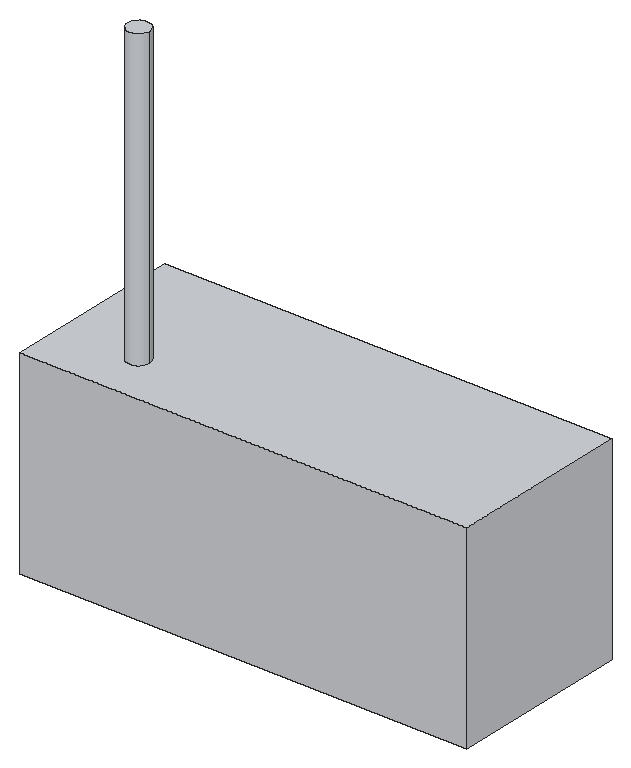
Revit family "Conexão de condensação_M", category Terreno, Revit 2019
Family settings
  Cota do conector redondo = Usar raio
  Tipo de parte = Normal
  ID de item do Seek = Condensate Connection-0000-CAN-ENU
  Com base no plano de trabalho = Não
  Sempre na vertical = Sim
  Corte com vazios quando carregada = Não
  Compartilhado = Não
Parameters (values of type "4060 mmx1650 mm")
  Largura = 1650 mm
  Raio do tubo = 100 mm
  Altura do tubo do nível [instance] = 2500 mm
  Raio da saída [instance] = 100 mm
  Diâmetro da saída [instance] = 2 * Raio da saída  # 200 mm
  Comprimento = 4060 mm
  Raio da embocadura [instance] = 100 mm
  Deslocamento inferior de entrada do nível [instance] = 800 mm
  Deslocamento superior da parede do nível [instance] = 200 mm
  Deslocamento inferior de saída do nível [instance] = 800 mm
  Diâmetro da embocadura [instance] = 2 * Raio da embocadura  # 200 mm
  Altura = 1800 mm
Types (5, lengths in mm): name | Largura | Raio do tubo | Raio da saída | Diâmetro da saída | Comprimento | Raio da embocadura | Deslocamento inferior de entrada do nível | Deslocamento inferior de saída do nível | Diâmetro da embocadura | Altura
  (no name) | 1650 | 100 | 100 | 200 | 4060 | 100 | 800 | 800 | 200 | 1800
  4060 mmx1650 mm | 1650 | 100 | 100 | 200 | 4060 | 100 | 800 | 800 | 200 | 1800
  4650 mmx1900 mm | 1900 | 150 | 150 | 300 | 4650 | 150 | 1050 | 1050 | 300 | 2750
  4900 mmx2350 mm | 2350 | 150 | 200 | 400 | 4900 | 200 | 1450 | 1450 | 400 | 2750
  6450 mmx2350 mm | 2350 | 150 | 200 | 400 | 6450 | 200 | 1450 | 1450 | 400 | 2750
Reference planes
  plane 1 "Centro (Frente/Trás)": y = 0
  plane 2: z = 0
  plane 3 "Centro (Esquerda/Direita)": x = 0
  plane 4: z = -700
  plane 5: x = 4060
  plane 6: z = -200
  plane 7: z = -2000
  plane 8: y = 825
  plane 9: y = -825
  plane 10: z = -700
  plane 11: z = -800
  plane 12: z = -800
  plane 13: x = 2030
  plane 14: y = -367.8
  plane 15: x = 711.2
  plane 16: z = 2500
Forms (mm)
  Extrusion 1, solid
    sketch origin (0, 0, 0) x (1, 0, 0) y (0, 0, 1)
      loop
        line (0, -200) -> (0, -2000) -> (4060, -2000) -> (4060, -200) -> (0, -200)
    from -825 to 825
  Extrusion 2, solid
    sketch origin (0, 0, 0) x (0, 1, 0) y (0, 0, 1)
      loop
        circle (0, -700) r 100
    from 0 to 304.8
  Extrusion 3, solid
    sketch origin (0, 0, 0) x (0, 1, 0) y (0, 0, 1)
      loop
        circle (0, -700) r 100
    from 563.01 to 4060
  Extrusion 4, solid
    sketch origin (0, 0, 0) x (1, 0, 0) y (0, 1, 0)
      loop
        circle (711.2, -367.8) r 100
    from -200 to 2500
Cuts and joins
  joined: Extrusion 1, Extrusion 2, Extrusion 3
Dimensions and locks
  "Comprimento": plane 5 to plane 3 "Centro (Esquerda/Direita)"
  "Altura": plane 6 to plane 7
  equal spacing: plane 9, plane 1 "Centro (Frente/Trás)", plane 8
  "Largura": plane 8 to plane 9
  "Deslocamento superior da parede do nível": plane 2 to plane 6
  "Raio da embocadura": plane 10 to plane 11
  "Raio da saída": plane 4 to plane 12
  "Deslocamento inferior de entrada do nível": plane 2 to plane 11
  "Deslocamento inferior de saída do nível": plane 2 to plane 12
  equal spacing: plane 3 "Centro (Esquerda/Direita)", plane 13, plane 5
  locked: plane 14 to plane 9 at 457.2
  locked: plane 3 "Centro (Esquerda/Direita)" to plane 15 at 711.2
  "Altura do tubo do nível": plane 16 to plane 2
  "Raio da embocadura": radius of Extrusion 2 sketch curve
  "Raio da saída": radius of Extrusion 3 sketch curve
  "Raio do tubo": radius of Extrusion 4 sketch curve
  aligned and locked: level to plane 2
  aligned and locked: plane 3 "Centro (Esquerda/Direita)" to Extrusion 1 sketch curve
  aligned and locked: Extrusion 1 sketch curve to plane 6
  aligned and locked: Extrusion 1 sketch curve to plane 7
  aligned and locked: Extrusion 1 sketch curve to plane 5
  aligned and locked: Extrusion 1 to plane 8
  aligned and locked: Extrusion 1 to plane 9
  aligned and locked: plane 10 to Extrusion 2 sketch curve
  aligned and locked: plane 1 "Centro (Frente/Trás)" to Extrusion 2 sketch curve
  aligned and locked: plane 4 to Extrusion 3 sketch curve
  aligned and locked: plane 1 "Centro (Frente/Trás)" to Extrusion 3 sketch curve
  aligned and locked: Extrusion 2 to plane 3 "Centro (Esquerda/Direita)"
  aligned and locked: plane 5 to Extrusion 3
  aligned and locked: plane 13 to nested 1
  aligned and locked: plane 1 "Centro (Frente/Trás)" to nested 1
  aligned and locked: plane 15 to Extrusion 4 sketch curve
  aligned and locked: plane 14 to Extrusion 4 sketch curve
  aligned and locked: Extrusion 4 to plane 6
  aligned and locked: plane 16 to Extrusion 4
Nested families
  nested 1: "Símbolo" at (2030, 0, 0), type "Símbolo"
Connectors
  piping at (0, 0, -700), diameter 200, driven by "Raio da embocadura"
    settings: on Extrusion 2, index 1, connector inside diameter 200 mm, connector length 0 mm, flow factor 0, pipe flow 0.0 L/s, pressure drop 0.0 Pa, fitting loss kfactor 0, connector angle 0.00°, fixture units 0, engagement length 0 mm, angle of deflection 0.00°, flow configuration 0, flow direction 1, fitting loss method 0, system type 29, joint type 0, gender type 0, connector reference index 2, connector utility 0, adjustable connector no, is connector primary yes, connector description "Entrada de condensação"
  piping at (4060, 0, -700), diameter 200, driven by "Raio da saída"
    settings: on Extrusion 3, index 2, connector inside diameter 200 mm, connector length 0 mm, flow factor 0, pipe flow 0.0 L/s, pressure drop 0.0 Pa, fitting loss kfactor 0, connector angle 0.00°, fixture units 0, engagement length 0 mm, angle of deflection 0.00°, flow configuration 0, flow direction 2, fitting loss method 0, system type 29, joint type 0, gender type 0, connector reference index 1, connector utility 1, adjustable connector no, is connector primary no, connector description "Saída de condensação"
Definition of nested family "Símbolo"
  Reference planes
    plane 1: y = 0
    plane 2: x = 0
  Text (mm)
    text "Condensação" at (-8.159, 1.923, 0)
